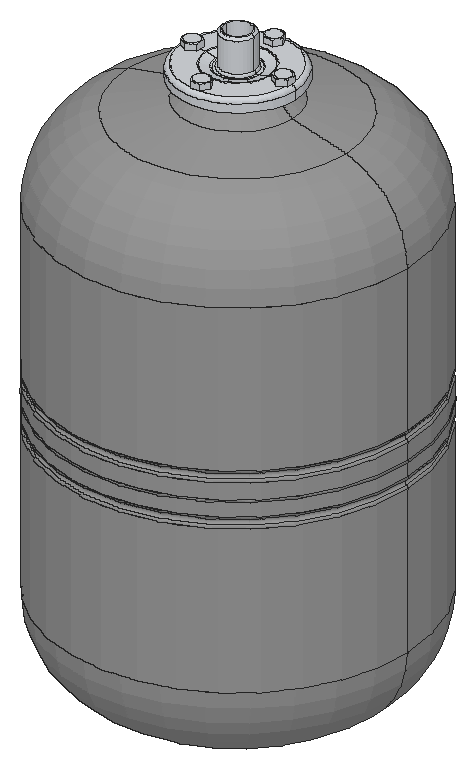
Revit family "WAV 24", category Оборудование, Revit 2014
Parameters
  Описание = "Мембранный бак для водоснабжения V=24л, Py=10бар, 3/4\""
  Материал крышки = Черная резина
  Материал = Синяя краска
  Масса кг = "4.25"
  Крышка [instance] = yes
  Комментарии к типоразмеру = "WAV 24"
  Изготовитель = "WESTER"  # constant formula
  URL = "http://www.wester.su/"
Reference planes
  plane 1 "По центру (Вперед/Назад)": y = 0
  plane 2: z = 0
  plane 3 "По центру (Влево/Вправо)": x = 0
Forms (mm)
  Revolve 1, solid, material "Синяя краска" <- "Материал"
    sketch origin (-161.5, 0, 141.055) x (0, 0, -1) y (1, 0, 0)
      loop
        line (54.946, 301.504) -> (-66.13, 301.504)
        arc (-66.13, 301.504) -> (-67.394, 301.194) -> (-68.372, 300.336) r 2.737
        arc (-68.372, 300.336) -> (-70.479, 299.111) -> (-72.609, 300.295) r 2.465
        arc (-72.609, 300.295) -> (-73.595, 301.183) -> (-74.881, 301.504) r 2.741
        line (-74.881, 301.504) -> (-85.791, 301.504)
        arc (-85.791, 301.504) -> (-86.644, 301.772) -> (-87.497, 301.504) r 1.491
        line (-87.497, 301.504) -> (-100.112, 301.504)
        arc (-100.112, 301.504) -> (-101.399, 301.183) -> (-102.384, 300.295) r 2.741
        arc (-102.384, 300.295) -> (-104.515, 299.111) -> (-106.621, 300.336) r 2.465
        arc (-106.621, 300.336) -> (-107.6, 301.194) -> (-108.863, 301.504) r 2.737
        line (-108.863, 301.504) -> (-229.094, 301.504)
        arc (-229.094, 301.504) -> (-271.116, 287.497) -> (-296.331, 251.081) r 70.04
        arc (-296.331, 251.081) -> (-301.975, 228.735) -> (-305.976, 206.038) r 316.121
        line (-305.976, 206.038) -> (-321.443, 190.572) -> (-321.443, 161.5) -> (124.057, 161.5) -> (124.057, 168.355)
        arc (124.057, 168.355) -> (124.128, 168.929) -> (124.385, 169.448) r 1.727
        line (124.385, 169.448) -> (133.11, 181.457)
        arc (133.11, 181.457) -> (133.947, 183.297) -> (133.994, 185.319) r 5.05
        arc (133.994, 185.319) -> (129.842, 218.58) -> (122.141, 251.204) r 311.646
        arc (122.141, 251.204) -> (96.914, 287.536) -> (54.946, 301.504) r 70.032
      axis (-321.443, 161.5) -> (133.994, 161.5)
    angle from 0 to 360
  Revolve 2, solid
    sketch origin (0, 0, 193.939) x (1, 0, 0) y (0, 0, 1)
      loop
        line (0, 268.559) -> (47.492, 268.559) -> (47.492, 274.974)
        arc (47.492, 274.974) -> (46.496, 277.464) -> (44.023, 278.5) r 3.47
        line (44.023, 278.5) -> (26.157, 278.5)
        arc (26.157, 278.5) -> (25.726, 278.448) -> (25.304, 278.35) r 3.918
        line (25.304, 278.35) -> (17.835, 276.159)
        arc (17.835, 276.159) -> (17.456, 276.04) -> (17.06, 276) r 1.968
        line (17.06, 276) -> (14.531, 276)
        arc (14.531, 276) -> (14.187, 277.207) -> (13.224, 278.012) r 2.132
        line (13.224, 278.012) -> (13.224, 302.006) -> (11.23, 304) -> (10.273, 304) -> (10.273, 278.5) -> (0, 278.5) -> (0, 268.559)
      axis (0, 304) -> (0, 268.559)
    angle from 0 to 360
  Revolve 3, solid
    sketch origin (0, 0, 0) x (1, 0, 0) y (0, 0, 1)
      loop
        line (3.985, 0.986) -> (3.985, 12.498) -> (6.063, 12.498) -> (6.063, 16.998) -> (0, 16.998) -> (0, 3.844) -> (1.586, 3.844) -> (2.15, 3.281) -> (2.15, -0.002) -> (2.997, -0.002) -> (3.985, 0.986)
      axis (0, 16.998) -> (0, -0.002)
    angle from 0 to 360
  Revolve 4, solid, material "Черная резина" <- "Материал крышки", visible <- "Крышка"
    sketch origin (0, 0, 0) x (1, 0, 0) y (0, 0, 1)
      loop
        line (0, 16.998) -> (-6.855, 16.998) -> (-23.238, 5.527) -> (-16.15, -1.562) -> (0, -1.562) -> (0, 16.998)
      axis (0, 16.998) -> (0, -1.562)
    angle from 0 to 360
Dimensions and locks
  aligned and locked: level to plane 2
Nested families
  nested 1: "Болт" at (-37.492, 0, 472.498) x (0, -1, 0) z (0, 0, 1), type "Болт"
  nested 2: "Болт" at (0, 37.5, 472.498) x (-1, 0, 0) z (0, 0, 1), type "Болт"
  nested 3: "Болт" at (0, -37.5, 472.498) x (-1, 0, 0) z (0, 0, 1), type "Болт"
  nested 4: "Болт" at (37.508, 0, 472.498) x (0, -1, 0) z (0, 0, 1), type "Болт"
Connectors
  piping at (0, 0, 497.939), diameter 20
    settings: on Revolve 2, index 1, connector inside diameter 609.6 mm, connector length 0 mm, flow factor 0, pipe flow 0.0 L/s, pressure drop 0.0 Pa, fitting loss kfactor 0, connector angle 0.00°, fixture units 0, engagement length 0 mm, angle of deflection 0.00°, flow configuration 1, flow direction 1, fitting loss method 0, system type 29, joint type 0, gender type 0, connector reference index -1, connector utility 0, adjustable connector no, is connector primary yes, connector description ""
Definition of nested family "Болт"
  Parameters (values of type "Болт")
    Default Elevation = 1219.2 mm
  Reference planes
    plane 1 "По центру (Вперед/Назад)": y = 0
    plane 2: z = 0
    plane 3 "По центру (Влево/Вправо)": x = 0
  Forms (mm)
    Extrusion 1, solid
      sketch origin (0, 0, 0) x (1, 0, 0) y (0, 1, 0)
        loop
          line (-1219.2, 1219.2) -> (-1219.2, -1219.2) -> (1219.2, -1219.2) -> (1219.2, 1219.2) -> (-1219.2, 1219.2)
      from 0 to -304.8
    Extrusion 2, solid, detail levels medium+fine
      sketch origin (0, 0, 0) x (0, 1, 0) y (-1, 0, 0)
        loop
          line (-6.5, -3.753) -> (0, -7.506) -> (6.5, -3.753) -> (6.5, 3.753) -> (0, 7.506) -> (-6.5, 3.753) -> (-6.5, -3.753)
      from 0 to 5.3
    Extrusion 3, solid, detail levels medium+fine
      sketch origin (0, 0, 0) x (1, 0, 0) y (0, 1, 0)
        loop
          circle (0, 0) r 4
      from -14 to 0
    Revolve 4, void
      sketch origin (0, 0, 0) x (1, 0, 0) y (0, 0, 1)
        loop
          line (-7.506, 4.447) -> (-6.413, 5.3) -> (-7.506, 5.3) -> (-7.506, 4.447)
        axis (0, 5.3) -> (0, 4.3)
      angle from 0 to 360
    Revolve 5, void
      sketch origin (0, 0, 0) x (1, 0, 0) y (0, 0, 1)
        loop
          line (-4, -14) -> (-2.365, -14) -> (-4, -12.365) -> (-4, -14)
        axis (0, -12.365) -> (0, -14)
      angle from 0 to 360
  Cuts and joins
    Revolve 4 cuts Extrusion 2
    Revolve 5 cuts Extrusion 3
    joined: Extrusion 2, Extrusion 3
  Dimensions and locks
    aligned and locked: plane 2 to Extrusion 1
    aligned and locked: level to Extrusion 1
    aligned and locked: Revolve 4 sketch curve to plane 3 "По центру (Влево/Вправо)"
    aligned and locked: cut or joined group of Extrusion 2, Extrusion 3, Revolve 4, Revolve 5 to Revolve 4 sketch curve
